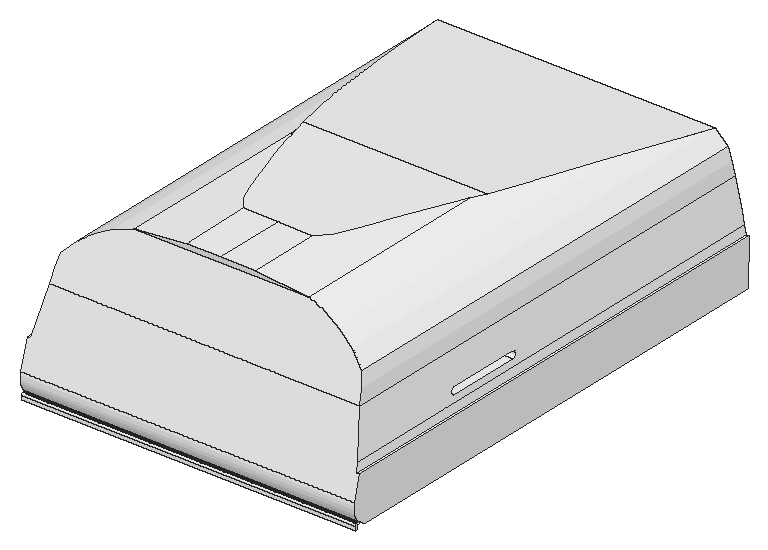
Revit family "NBS_DudleyIndustries_PprTwlDpnsrs_PlatinumRange_PaperTowelDispenserLarge", category Specialty Equipment, host Face, Revit 2016
Family settings
  Host = Face
  Part Type = Normal
  Round Connector Dimension = Use Diameter
  OmniClass Number = 23.40.20.21.17
  OmniClass Title = Paper Towel Dispensers, Disposal Units
  Cut with Voids When Loaded = No
  Shared = No
  Room Calculation Point = No
Parameters
  WarrantyStartDate [instance] = "1900-12-31T23:59:59"
  WarrantyGuarantorParts = "sales@dudleyindustries.com"
  WarrantyGuarantorLabor = "n/a"
  WarrantyDurationUnit = "year"
  WarrantyDurationParts = "1"
  WarrantyDurationLabor = "n/a"
  WarrantyDescription = "1 year warranty"
  Version = "2"  # constant formula
  Uniclass2015Version = "Products v1.7"
  Uniclass2015Title = "Paper towel dispensers"
  Uniclass2015Code = "Pr_40_70_22_62"
  TowelsWidth = "250 mm max"
  TowelsTowelType = "Z fold"
  TagNumber [instance] = "n/a"
  SustainabilityPerformance = "n/a"
  Style = "Paper Towel Dispenser"
  Size = "290 x 427 x 147 mm"
  Shape = "n/a"
  SerialNumber [instance] = "n/a"
  Revision = "n/a"
  ReplacementCost = "n/a"
  ProductInformation = "www.dudleyindustries.com/wp-content/uploads/2016/11/Platinum_Z_Fold_Paper_Dispenser-large.pdf"
  Operation = "Manual"
  NominalWidth = 290 mm  # constant formula
  NominalLength = NominalWidth  # 290 mm
  NominalHeight = 427 mm  # constant formula
  NominalDepth = 147 mm  # constant formula
  Name = "PaperTowelDispensers_PlatinumRange_PaperTowelDispenserLarge_DudleyIndustries"
  NBSTypeID = "n/a"
  NBSReference = "45-35-72/344"
  NBSOfficeMasterTag = "n/a"
  NBSNote = "n/a"
  NBSDescription = "Paper towel dispensers"
  NBSCertification = "www.nationalbimlibrary.com/cert/vah0lk4v"
  ModelReference = "Platinum range: Paper Towel Dispenser large"
  ModelNumber = "77017"
  MaterialsFinishColour = "Brushed/Lacquered (77017CB)"
  MaterialsBody = "304 Stainless steel"
  Material = "Stainless steel"
  ManufacturerURL = "www.dudleyindustries.com/"
  ManufacturerName = "Dudley Industries"  # constant formula
  Manufacturer = "sales@dudleyindustries.com"
  MainColor = "Stainless steel"
  IntegralAccessories = "n/a"
  InstallationDate [instance] = "1900-12-31T23:59:59"
  IfcExportType = "NOTDEFINED"  # constant formula
  IfcExportAs = "IfcFurnitureType"  # constant formula
  Grade = "304"
  Form = "Wall mounted"
  Finish = "Brushed/Lacquered (77017CB)"
  Features = "Simple to wipe clean and fingerprint resistant, easy clean, Capacity 2/3 packs, viewing window helps the customer check paper levels and ensure towels are always available, tamper-proof, lockable cover, easy to fill and top up"
  ExpectedLife = "5"
  EnvironmentalProductDeclaration = "n/a"
  DurationUnit = "year"
  DispenserLockMaterial = NBS_Concept
  DispenserCaseMaterial = NBS_Concept
  Description = "Paper towel dispenser"
  Default Elevation = 1200 mm
  Constituents = "n/a"
  Color = "Stainless steel"
  CodePerformance = "n/a"
  Category = "Pr_40_70_22_62:Paper towel dispensers"
  BarCode [instance] = "n/a"
  BIMObjectName = "NBS_DudleyIndustries_PaperTowelDispensers_Platinumrange_PaperTowelDispenserlarge"
  Author = "NBS"  # constant formula
  AssetType = "Fixed"
  AssetIdentifier [instance] = "n/a"
  AccessibilityPerformance = "n/a"
Reference planes
  plane 1 "Center (Front/Back)": y = 0
  plane 2: z = 0
  plane 3 "Center (Left/Right)": x = 0
  plane 4 "Lock": y = 213.5
  plane 5: y = -213.5
  plane 6: x = 145
  plane 7: x = -145
  plane 8: z = 147
  plane 9: through (-145, 213.5, 55) normal (0, -0.9962, -0.0872)
  plane 10: through (-145, -177.356, 147) normal (0, 0.0175, 0.9998)
  plane 11: through (-145, -71.932, 145.16) normal (0, 0.0523, 0.9986)
  plane 12: through (-145, 16.633, 140.518) normal (0, 0.0872, 0.9962)
  plane 13: through (-145, 81.275, 134.863) normal (0, 0.1219, 0.9925)
  plane 14: through (-145, -177.356, 147) normal (0, 0.9605, -0.2783)
  plane 15: z = 1.1
  plane 16: through (-145, -213.5, 22.243) normal (0, -0.9605, 0.2783)
  plane 17: through (-145, -177.466, 140.711) normal (0, 0.9521, -0.3057)
  plane 18: through (-145, -177.402, 144.346) normal (0, -0.9945, -0.1045)
Forms (mm)
  Extrusion 1, solid, material "NBS_Concept" <- "DispenserCaseMaterial", detail levels coarse
    sketch origin (-145, 0, 0) x (0, 1, 0) y (0, 0, 1)
      loop
        line (-177.356, 147) -> (-213.5, 22.243) -> (-213.5, 0) -> (213.5, 0) -> (213.5, 55) -> (207.873, 119.319)
        arc (207.873, 119.319) -> (104.149, 132.355) -> (0, 141.39) r 2716.185
        arc (0, 141.39) -> (-88.628, 145.777) -> (-177.356, 147) r 2487.832
    from 0 to 290
  Extrusion 2, solid, material "NBS_Concept" <- "DispenserCaseMaterial", detail levels medium+fine
    sketch origin (-145, 0, 0) x (0, 1, 0) y (0, 0, 1)
      loop
        line (213.5, 1.1) -> (213.5, 59.642) -> (208.271, 119.414)
        arc (208.271, 119.414) -> (110.282, 131.698) -> (11.943, 140.764) r 3013.356
        arc (11.943, 140.764) -> (-82.778, 145.784) -> (-177.63, 146.518) r 2098.35
        line (-177.63, 146.518) -> (-177.13, 141.756) -> (-194.994, 86.119) -> (-213.5, 22.243)
        arc (-213.5, 22.243) -> (-211.087, 8.036) -> (-198.455, 1.1) r 16.558
        line (-198.455, 1.1) -> (213.5, 1.1)
      loop
        line (-211.102, 3.995) -> (-209.113, 3.995) -> (-209.113, 5.499) -> (-210.101, 5.999) -> (-210.101, 4.995) -> (-211.102, 4.995)
        arc (-211.102, 4.995) -> (-212.338, 4.484) -> (-212.849, 3.249) r 1.747
        line (-212.849, 3.249) -> (-212.849, 0) -> (-211.849, 0) -> (-211.849, 3.249)
        arc (-211.849, 3.249) -> (-211.631, 3.777) -> (-211.102, 3.995) r 0.747
    from 0 to 290
  Extrusion 3, solid, material "NBS_Concept" <- "DispenserLockMaterial", detail levels medium+fine
    sketch origin (0, 213.5, 0) x (1, 0, 0) y (0, 0, 1)
      loop
        circle (0, 30.358) r 12.5
      loop
        circle (0, 30.358) r 10
      loop
        circle (0.078, 30.436) r 6.8
      loop
        circle (0.078, 33.381) r 1.242
      loop
        circle (0.078, 27.388) r 1.242
    from 0 to 3.179
  Extrusion 4, void, detail levels medium+fine
    sketch origin (0, 213.5, 0) x (1, 0, 0) y (0, 0, 1)
      loop
        line (-145, 151.518) -> (-145, 46.539) -> (-141.712, 46.539) -> (-134.733, 86.119)
        arc (-134.733, 86.119) -> (-133.56, 97.292) -> (-130.841, 108.191) r 80.375
        arc (-130.841, 108.191) -> (-106.158, 129.697) -> (-75.723, 141.756) r 96.905
        arc (-75.723, 141.756) -> (-52.985, 145.324) -> (-30, 146.518) r 221.909
        line (-30, 146.518) -> (0, 146.518) -> (30, 146.518)
        arc (30, 146.518) -> (52.985, 145.324) -> (75.723, 141.756) r 221.909
        arc (75.723, 141.756) -> (106.158, 129.697) -> (130.841, 108.191) r 96.905
        arc (130.841, 108.191) -> (133.56, 97.292) -> (134.733, 86.119) r 80.375
        line (134.733, 86.119) -> (141.26, 49.103) -> (142.459, 42.301) -> (145, 42.301) -> (145, 151.518) -> (-145, 151.518)
    from 0 to 427
  Extrusion 5, void, detail levels medium+fine
    sketch origin (-145, 0, 0) x (0, 1, 0) y (0, 0, 1)
      loop
        arc (-99.635, 60.1) -> (-102.635, 57.1) -> (-99.635, 54.1) r 3
        line (-99.635, 54.1) -> (-35.635, 54.1)
        arc (-35.635, 54.1) -> (-32.635, 57.1) -> (-35.635, 60.1) r 3
        line (-35.635, 60.1) -> (-99.635, 60.1)
    from 0 to 290
Cuts and joins
  Extrusion 4, Extrusion 5 cuts Extrusion 1
  Extrusion 4, Extrusion 5 cuts Extrusion 2
Dimensions and locks
  "NominalDepth": plane 8 to plane 2
  "NominalLength": plane 7 to plane 6
  "NominalHeight": plane 5 to plane 4 "Lock"
  aligned and locked: plane 2 to host face
  aligned and locked: level to host face
  aligned and locked: Extrusion 1 sketch curve to plane 5
  aligned and locked: level to Extrusion 1 sketch curve
  aligned and locked: Extrusion 1 sketch curve to plane 4 "Lock"
  aligned and locked: Extrusion 2 sketch curve to plane 15
  aligned and locked: Extrusion 2 sketch curve to plane 18
  aligned and locked: Extrusion 2 sketch curve to plane 17
  aligned and locked: Extrusion 2 to plane 7
  aligned and locked: plane 6 to Extrusion 2
  aligned and locked: Extrusion 4 to plane 4 "Lock"
  aligned and locked: plane 5 to Extrusion 4
  aligned and locked: Extrusion 5 to plane 7
  aligned and locked: plane 6 to Extrusion 5
Automatic sketch dimensions
  host sketch curve to host sketch curve = 450.855 mm
  host sketch curve to host sketch curve = 530.344 mm
  Extrusion 1 sketch curve to plane 8 = 0 mm
  Extrusion 1 sketch curve to plane 10 = 0 mm
  Extrusion 1 sketch curve to plane 1 "Center (Front/Back)" = 0 mm  (x2)
  plane 9 to Extrusion 1 sketch curve = 0 mm  (x2)
  Extrusion 1 sketch curve to plane 13 = 0 mm
  plane 14 to Extrusion 1 sketch curve = 0 mm
  Extrusion 1 sketch curve to plane 11 = 0 mm
  Extrusion 1 sketch curve to plane 5 = 30.864 mm
  Extrusion 2 sketch curve to Extrusion 2 sketch curve = 0 mm  (x2)
  Extrusion 2 sketch curve to plane 5 = 0 mm
  Extrusion 2 sketch curve to level = 0 mm
  plane 16 to Extrusion 2 sketch curve = 0 mm
  Extrusion 2 sketch curve to plane 4 "Lock" = 0 mm
  Extrusion 2 sketch curve to plane 16 = 0 mm
  plane 5 to Extrusion 2 sketch curve = 1.998 mm
  Extrusion 2 sketch curve to plane 5 = 0.651 mm
  Extrusion 2 sketch curve to Extrusion 2 sketch curve = 1 mm
  Extrusion 2 sketch curve to Extrusion 2 sketch curve = 0.747 mm
  Extrusion 2 sketch curve to Extrusion 2 sketch curve = 1.001 mm
  Extrusion 2 sketch curve to Extrusion 2 sketch curve = 0.988 mm
  Extrusion 2 sketch curve to Extrusion 2 sketch curve = 10.658 mm
  Extrusion 2 sketch curve to plane 5 = 15.904 mm
  Extrusion 2 sketch curve to plane 8 = 0.482 mm
  Extrusion 2 sketch curve to plane 5 = 67.064 mm
  plane 4 "Lock" to Extrusion 2 sketch curve = 5.229 mm
  Extrusion 2 sketch curve to level = 1951.6 mm
  Extrusion 2 sketch curve to Extrusion 2 sketch curve = 912.396 mm
  plane 15 to Extrusion 2 sketch curve = 2.149 mm
  Extrusion 2 sketch curve to Extrusion 2 sketch curve = 0.504 mm
  Extrusion 2 sketch curve to Extrusion 2 sketch curve = 1.003 mm
  Extrusion 2 sketch curve to Extrusion 2 sketch curve = 58.542 mm
  Extrusion 2 sketch curve to plane 8 = 27.586 mm
  Extrusion 3 sketch curve to Extrusion 3 sketch curve = 0 mm  (x2)
  Extrusion 3 sketch curve to plane 3 "Center (Left/Right)" = 0 mm
  plane 3 "Center (Left/Right)" to Extrusion 3 sketch curve = 0.078 mm  (x3)
  level to Extrusion 3 sketch curve = 27.388 mm
  Extrusion 3 sketch curve to Extrusion 3 sketch curve = 2.97 mm
  Extrusion 3 sketch curve to Extrusion 3 sketch curve = 0.078 mm
  Extrusion 3 sketch curve to Extrusion 3 sketch curve = 2.945 mm
  Extrusion 4 sketch curve to plane 7 = 0 mm
  Extrusion 4 sketch curve to plane 3 "Center (Left/Right)" = 0 mm
  Extrusion 4 sketch curve to plane 6 = 0 mm
  Extrusion 4 sketch curve to Extrusion 4 sketch curve = 3.288 mm
  plane 7 to Extrusion 4 sketch curve = 10.267 mm
  Extrusion 4 sketch curve to plane 3 "Center (Left/Right)" = 55.756 mm
  Extrusion 4 sketch curve to Extrusion 4 sketch curve = 1.35 mm  (x2)
  Extrusion 4 sketch curve to plane 8 = 0.482 mm
  Extrusion 4 sketch curve to Extrusion 4 sketch curve = 30 mm
  plane 3 "Center (Left/Right)" to Extrusion 4 sketch curve = 30 mm
  plane 3 "Center (Left/Right)" to Extrusion 4 sketch curve = 54.407 mm
  Extrusion 4 sketch curve to plane 6 = 10.267 mm
  Extrusion 4 sketch curve to plane 6 = 3.74 mm
  Extrusion 4 sketch curve to plane 6 = 2.541 mm
  Extrusion 4 sketch curve to plane 8 = 60.881 mm  (x2)
  Extrusion 4 sketch curve to plane 8 = 63.665 mm  (x2)
  Extrusion 4 sketch curve to Extrusion 4 sketch curve = 37.017 mm
  Extrusion 4 sketch curve to Extrusion 4 sketch curve = 36.404 mm  (x2)
  Extrusion 4 sketch curve to Extrusion 4 sketch curve = 39.58 mm
  Extrusion 4 sketch curve to Extrusion 4 sketch curve = 6.801 mm
  Extrusion 4 sketch curve to level = 75.391 mm
  Extrusion 4 sketch curve to Extrusion 4 sketch curve = 0 mm  (x2)
  plane 8 to Extrusion 4 sketch curve = 4.518 mm
  plane 7 to Extrusion 4 sketch curve = 14.159 mm
  level to Extrusion 5 sketch curve = 60.1 mm
  plane 1 "Center (Front/Back)" to Extrusion 5 sketch curve = 99.635 mm
  plane 1 "Center (Front/Back)" to Extrusion 5 sketch curve = 35.635 mm
  Extrusion 5 sketch curve to Extrusion 5 sketch curve = 3 mm
  radius of Extrusion 3 sketch curve = 12.5 mm
  radius of Extrusion 3 sketch curve = 10 mm
  radius of Extrusion 3 sketch curve = 6.8 mm
  radius of Extrusion 3 sketch curve = 1.242 mm  (x2)
